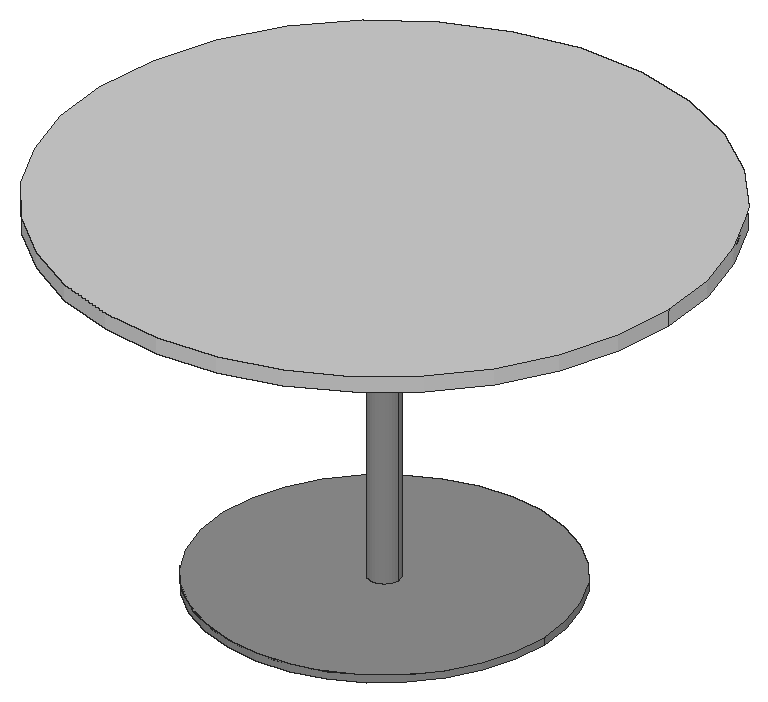
Revit family "Haworth_JiveTable_RoundDiscBase", category Furniture Systems, Revit 2018
Family settings
  Round Connector Dimension = Use Diameter
  Part Type = Normal
  OmniClass Number = 23.40.70.14.64.21
  OmniClass Title = Systems Furniture
  Work Plane-Based = No
  Always vertical = Yes
  Cut with Voids When Loaded = No
  Shared = No
  Room Calculation Point = No
Parameters (values of type "48d 48w 29h")
  Warranty = "http://www.haworth.com/resources/product-info/warranties"
  URL - Product = "https://www.haworth.com/na/en/products/collaborative-conference/jive.html"
  Two Disk = or(and(Actual Table Depth Width > 60", Actual Table Depth Width < 96"), Actual Table Depth Width = 60", Actual Table Depth Width = 96")  # no
  Table Finish [instance] = Haworth _ Laminate _ Putty H-AA
  Table Edge Finish [instance] = Haworth _ Laminate _ Putty H-AA
  Standard Height = "29, 36 in."  # constant formula
  One Disk = or(and(Actual Table Depth Width < 48", Actual Table Depth Width > 24"), Actual Table Depth Width = 24", Actual Table Depth Width = 48")  # yes
  Model = "Haworth Jive"  # constant formula
  Min. Height = 29"  # constant formula
  Max. Height = 36"  # constant formula
  Leg Finish [instance] = Haworth _ Paint _ Graphite
  Height = 29"
  Disc Distance = if(Actual Table Depth Width < 25", 8 1/2", if(Actual Table Depth Width < 31", 11", 13 1/2"))  # 13 1/2"
  Description = "Haworth Jive Table Round Disc Base - 48d 48w 29h"
  URL = "https://www.haworth.com/na/en.html"
  Table Thickness = 1 3/16"  # constant formula
  Size = "Verify Final Dim. w/ Haworth"  # constant formula
  Revision Number = "0"  # constant formula
  Standard Depths = "24, 30, 36, 42, 48 in."  # constant formula
  Min. Depth Width = 12"  # constant formula
  Max. Depth Width = 24"  # constant formula
  Manufacturer = "Haworth, Inc."  # constant formula
  Leg Height = Actual Height - Table Thickness  # 27 13/16"
  Depth = 48"
  DW = Depth / 2  # 24"
  Custom Size = not(and(or(DW = 12", DW = 15", DW = 18", DW = 21", DW = 24"), or(Height = 29", Height = 36")))  # no
  Base Distance = if(One Disk, 0", Actual Table Depth Width - 38")  # 0"
  Author = "SHAPE Environments, LLC"  # constant formula
  Assembly Code = "E2020200"
  Actual Table Depth Width = Actual Depth * 2  # 48"
  Actual Height = if(Height > Max. Height, Max. Height, if(Height < Min. Height, Min. Height, Height))  # 29"
  Actual Depth = if(DW > Max. Depth Width, Max. Depth Width, if(DW < Min. Depth Width, Min. Depth Width, DW))  # 24"
Types (8): name | Height | Disc Distance | Description | Leg Height | Depth | DW | Actual Table Depth Width | Actual Height | Actual Depth
  24d 24w 29h | 29" | 8 1/2" | "Haworth Jive Table Round Disc Base - 24d 24w 29h" | 27 13/16" | 24" | 12" | 24" | 29" | 12"
  30d 30w 29h | 29" | 11" | "Haworth Jive Table Round Disc Base - 30d 30w 29h" | 27 13/16" | 30" | 15" | 30" | 29" | 15"
  36d 36w 29h | 29" | 13 1/2" | "Haworth Jive Table Round Disc Base - 36d 36w 29h" | 27 13/16" | 36" | 18" | 36" | 29" | 18"
  42d 42w 29h | 29" | 13 1/2" | "Haworth Jive Table Round Disc Base - 42d 42w 29h" | 27 13/16" | 42" | 21" | 42" | 29" | 21"
  30d 30w 36h | 36" | 11" | "Haworth Jive Table Round Disc Base - 30d 30w 36h" | 34 13/16" | 30" | 15" | 30" | 36" | 15"
  36d 36w 36h | 36" | 13 1/2" | "Haworth Jive Table Round Disc Base - 36d 36w 36h" | 34 13/16" | 36" | 18" | 36" | 36" | 18"
  42d 42w 36h | 36" | 13 1/2" | "Haworth Jive Table Round Disc Base - 42d 42w 36h" | 34 13/16" | 42" | 21" | 42" | 36" | 21"
  48d 48w 29h | 29" | 13 1/2" | "Haworth Jive Table Round Disc Base - 48d 48w 29h" | 27 13/16" | 48" | 24" | 48" | 29" | 24"
Reference planes (in)
  plane 1 "Center F/B": y = 0
  plane 2: z = 0
  plane 3 "Center L/R": x = 0
  plane 4 "Top": z = 29
  plane 5 "Top Bottom": z = 27.8125
Forms (in)
  Extrusion 1, solid, material "Haworth _ Laminate _ Putty H-AA" <- "Table Finish"
    sketch origin (0, 0, 20.3125) x (-1, 0, 0) y (0, -1, 0)
      loop
        circle (0, 0) r 24
    from 8.6875 to 7.5
Lines and regions (in)
  Masking region 1
    outline origin (73, 34, 29) x (-1, 0, 0) y (0, -1, 0)
      loop
        circle (73, 34) r 24
Dimensions and locks (in)
  "Actual Height": plane 4 "Top" to level
  "Table Thickness": plane 4 "Top" to plane 5 "Top Bottom"
  equal spacing: Masking region 1, plane 3 "Center L/R", Masking region 1
  equal spacing: Extrusion 1, plane 1 "Center F/B", Extrusion 1
  "Actual Depth": radius of Extrusion 1 sketch curve
  "Actual Depth": radius of Masking region 1 sketch curve
  aligned and locked: Extrusion 1 to plane 5 "Top Bottom"
  aligned and locked: plane 4 "Top" to Extrusion 1
  aligned and locked: plane 3 "Center L/R" to nested 1
  aligned and locked: plane 1 "Center F/B" to nested 1
  aligned and locked: nested 1 to plane 2
Automatic sketch dimensions
  plane 1 "Center F/B" to Extrusion 1 sketch curve = 0"
  Extrusion 1 sketch curve to plane 3 "Center L/R" = 0"
  plane 1 "Center F/B" to Masking region 1 sketch curve = 0"
  Masking region 1 sketch curve to plane 3 "Center L/R" = 0"
Nested families (in)
  nested 1: "JiveDiscBase" at (-6.31284, -5.5, 0), type "Base"
    with Two Disc no, Table Width 42", One Disk yes, Base Distance 0"
Definition of nested family "JiveDiscBase"
  Parameters (values of type "Base")
    Warranty = ""
    URL - Product = ""
    URL = "www.haworth.com"
    Two Disc = yes
    Table Width = 72"
    One Disk = no
    OmniClass Number = ""
    Material Options = ""
    Leg Height = 27 13/16"
    Disc Radius = 13 1/2"
    Base Finish = none
    Size = "Verify Final Dim. w/ Haworth"  # constant formula
    Revision Number = "1"
    Manufacturer = "Haworth"  # constant formula
    Base Distance = 72"
    Author = "SHAPE Environments, LLC"  # constant formula
    Assembly Code = ""
  Reference planes (in)
    plane 1 "Center F/B": y = 5.5
    plane 2: z = 0
    plane 3 "Center L/R": x = 6.31284
    plane 4 "Leg Top": z = 27.8125
    plane 5: z = 27.6775
    plane 6 "table top": z = 29.3125
    plane 7: x = 42.31284
    plane 8: x = -29.68716
  Forms (in)
    Extrusion 1, solid, material <- "Base Finish"
      sketch origin (41, 0, 0) x (1, 0, 0) y (0, 1, 0)
        loop
          circle (1.31284, 5.5) r 13.5
      from 0 to 0.565
    Extrusion 2, solid, material <- "Base Finish"
      sketch origin (41, 0, 0) x (1, 0, 0) y (0, 1, 0)
        loop
          circle (1.31284, 5.5) r 1.181
      from 0.565 to 27.6775
    Extrusion 3, solid, material <- "Base Finish", detail levels fine
      sketch origin (33.5, -0.00018, 0) x (1, 0, 0) y (0, 1, 0)
        loop
          line (0.32764, 5.50018) -> (8.81284, -2.985) -> (17.29805, 5.50018) -> (8.81284, 13.98537) -> (0.32764, 5.50018)
      from 27.6775 to 27.8125
    Extrusion 4, solid, material <- "Base Finish", visible <- "Two Disc"
      sketch origin (-25, 0, 0) x (1, 0, 0) y (0, 1, 0)
        loop
          circle (-4.68716, 5.5) r 13.5
      from 0 to 0.565
    Extrusion 5, solid, material <- "Base Finish", visible <- "Two Disc"
      sketch origin (-25, 0, 0) x (1, 0, 0) y (0, 1, 0)
        loop
          circle (-4.68716, 5.5) r 1.181
      from 0.565 to 27.6775
    Extrusion 6, solid, material <- "Base Finish", visible <- "Two Disc", detail levels fine
      sketch origin (-37.5, -0.00018, 0) x (1, 0, 0) y (0, 1, 0)
        loop
          line (-0.67236, 5.50018) -> (7.81284, -2.985) -> (16.29805, 5.50018) -> (7.81284, 13.98537) -> (-0.67236, 5.50018)
      from 27.6775 to 27.8125
  Lines and regions (in)
    symbolic lines, detail levels medium+fine
      curve 1: circle (42.31284, 5.5, 29.3125) r 13.5 normal (0, 0, 1)
      curve 3: line (-38.17236, 5.5, 29.3125) -> (-29.68716, -2.98519, 29.3125)
      curve 4: line (-29.68716, -2.98519, 29.3125) -> (-21.20195, 5.5, 29.3125)
      curve 5: line (-21.20195, 5.5, 29.3125) -> (-29.68716, 13.98519, 29.3125)
      curve 6: line (-29.68716, 13.98519, 29.3125) -> (-38.17236, 5.5, 29.3125)
    symbolic lines, visible <- "Two Disc", detail levels medium+fine
      curve 2: circle (-29.68716, 5.5, 29.3125) r 13.5 normal (0, 0, 1)
      curve 7: line (33.82764, 5.5, 29.3125) -> (42.31284, -2.98519, 29.3125)
      curve 8: line (42.31284, -2.98519, 29.3125) -> (50.79805, 5.5, 29.3125)
      curve 9: line (50.79805, 5.5, 29.3125) -> (42.31284, 13.98519, 29.3125)
      curve 10: line (42.31284, 13.98519, 29.3125) -> (33.82764, 5.5, 29.3125)
  Dimensions and locks (in)
    "Leg Height": plane 4 "Leg Top" to level
    locked: plane 4 "Leg Top" to plane 5 at 0.135
    locked: plane 6 "table top" to plane 4 "Leg Top" at 1.5
    equal spacing: plane 8, plane 3 "Center L/R", plane 7
    "Base Distance": plane 8 to plane 7
    "Disc Radius": radius of Extrusion 4 sketch curve
    "Disc Radius": radius of Extrusion 1 sketch curve
    aligned and locked: plane 7 to Extrusion 1 sketch curve
    aligned and locked: plane 7 to Extrusion 3
    aligned and locked: plane 1 "Center F/B" to Extrusion 3
    aligned and locked: plane 7 to Extrusion 2 sketch curve
    aligned and locked: curve 1 to Extrusion 1
    aligned and locked: plane 1 "Center F/B" to Extrusion 2 sketch curve
    aligned and locked: curve 2 to Extrusion 4
    aligned and locked: plane 1 "Center F/B" to Extrusion 4 sketch curve
    aligned and locked: plane 8 to Extrusion 4 sketch curve
    aligned and locked: plane 8 to Extrusion 5 sketch curve
    aligned and locked: plane 1 "Center F/B" to Extrusion 5 sketch curve
    aligned and locked: plane 8 to Extrusion 6
    aligned and locked: plane 1 "Center F/B" to Extrusion 6
    aligned and locked: plane 4 "Leg Top" to Extrusion 6
    aligned and locked: Extrusion 6 to plane 5
    aligned and locked: plane 5 to Extrusion 5
    aligned and locked: plane 4 "Leg Top" to Extrusion 3
    aligned and locked: Extrusion 3 to plane 5
    aligned and locked: plane 5 to Extrusion 2
    aligned and locked: curve 6 to Extrusion 6
    aligned and locked: curve 3 to Extrusion 6
    aligned and locked: curve 4 to Extrusion 6
    aligned and locked: curve 5 to Extrusion 6
    aligned and locked: Extrusion 3 to curve 10
    aligned and locked: curve 8 to Extrusion 3
    aligned and locked: curve 9 to Extrusion 3
    aligned and locked: curve 7 to Extrusion 3
  Automatic sketch dimensions
    plane 1 "Center F/B" to Extrusion 3 sketch curve = 0"  (x2)
    Extrusion 3 sketch curve to plane 7 = 0"  (x2)
    Extrusion 3 sketch curve to plane 7 = 8.4852"
    plane 7 to Extrusion 3 sketch curve = 8.48521"
    plane 1 "Center F/B" to Extrusion 3 sketch curve = 8.48519"
    Extrusion 3 sketch curve to plane 1 "Center F/B" = 8.48519"
    plane 1 "Center F/B" to Extrusion 6 sketch curve = 0"  (x2)
    Extrusion 6 sketch curve to plane 8 = 8.4852"
    plane 8 to Extrusion 6 sketch curve = 0"  (x2)
    Extrusion 6 sketch curve to Extrusion 6 sketch curve = 8.48521"
    plane 1 "Center F/B" to Extrusion 6 sketch curve = 8.48519"
    Extrusion 6 sketch curve to plane 1 "Center F/B" = 8.48519"
    plane 1 "Center F/B" to Extrusion 1 sketch curve = 0"
    radius of Extrusion 2 sketch curve = 1.181"
    radius of Extrusion 5 sketch curve = 1.181"
